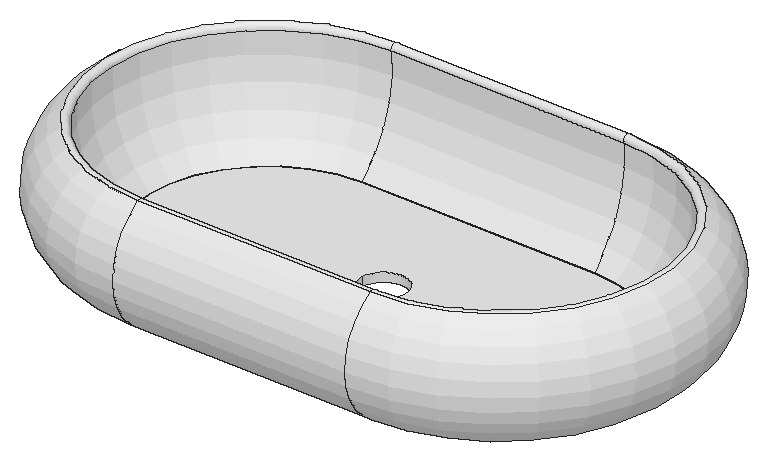
Revit family "Lavabo Alanis JB2007505", category Generic Models, host Face, Revit 2014
Parameters
  Default Elevation = 1219.2 mm
Reference planes
  plane 1 "Center (Front/Back)": y = 0
  plane 2: z = 0
  plane 3 "Center (Left/Right)": x = 0
  plane 4: y = 200
  plane 5: x = -320
  plane 6: y = -200
  plane 7: x = 320
  plane 8: x = -285
  plane 9: x = 285
  plane 10: y = 165
  plane 11: y = -165
  plane 12: x = -302.5
  plane 13: x = 302.5
  plane 14: y = 182.5
  plane 15: y = -182.5
  plane 16: z = 120
Forms (mm)
  Sweep 1, solid, material "Porcelain, Linen"
    path origin (0, 0, 0) x (1, 0, 0) y (0, 1, 0)
      loop
        arc (-120, 182.5) -> (-302.5, 0) -> (-120, -182.5) r 182.5
        line (-120, -182.5) -> (120, -182.5)
        arc (120, -182.5) -> (302.5, 0) -> (120, 182.5) r 182.5
        line (120, 182.5) -> (-120, 182.5)
    profile origin (0, 182.5, 0) x (0, 1, 0) y (0, 0, 1)
      loop
        arc (-15.401, 118.776) -> (-20.695, 118.712) -> (-22.964, 113.929) r 5
        arc (-22.964, 113.929) -> (-29.484, 57.218) -> (-60.443, 9.259) r 125.529
        line (-60.443, 9.259) -> (-60.443, 0) -> (-17.5, 0)
        arc (-17.5, 0) -> (17.657, 58.785) -> (-15.401, 118.776) r 68.767
  Extrusion 2, solid, material "Porcelain, Linen"
    sketch origin (0, 0, 0) x (1, 0, 0) y (0, 1, 0)
      loop
        arc (-120, 122.057) -> (-242.057, 0) -> (-120, -122.057) r 122.057
        line (-120, -122.057) -> (120, -122.057)
        arc (120, -122.057) -> (242.057, 0) -> (120, 122.057) r 122.057
        line (120, 122.057) -> (-120, 122.057)
    from 0 to 9.259
  Extrusion 3, void
    sketch origin (0, 0, 0) x (1, 0, 0) y (0, 1, 0)
      loop
        circle (0, 0) r 22.5
    from 0 to 9.259
Cuts and joins
  Extrusion 3 cuts Extrusion 2
Dimensions and locks
  aligned and locked: plane 2 to host face
  aligned and locked: level to host face
